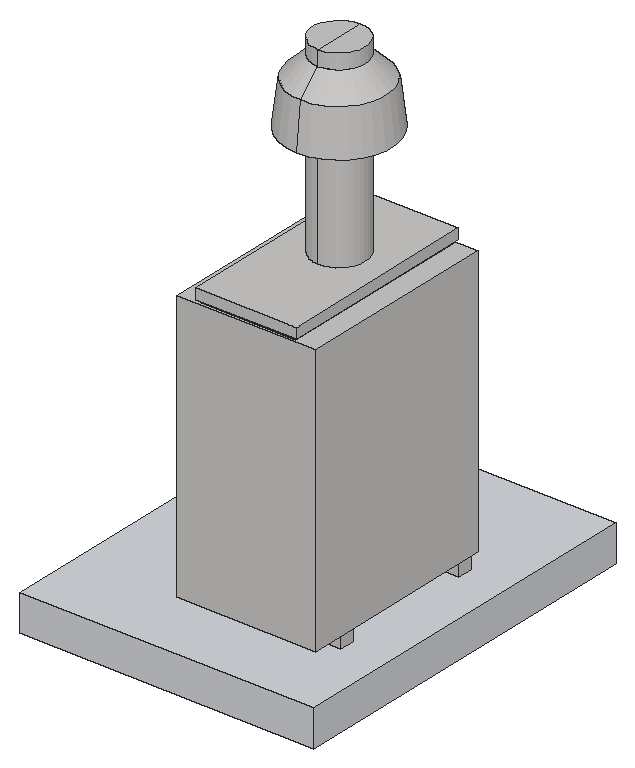
Revit family "DC_Rheem_PLM_Raypak_B0200ID", category Plumbing Fixtures, host Face, Revit 2020
Family settings
  Host = Face
  Round Connector Dimension = Use Radius
  Part Type = Normal
  Cut with Voids When Loaded = No
  Shared = No
  Room Calculation Point = No
Parameters (values of type "Raypak - Gas Water Heater- Indoor - 185 MJ/h  Propane gas, On/Off gas control")
  Width_ANZRS = 465 mm
  URL = "http://www.rheem.com.au/CommercialProducts"
  Type Comments = "Recovery 705L/h @ 50°C rise\r\n"
  Materials_ANZRS = Raypak - Grey Powder Coated Steel
  PRVDistance_ANZRS = 210 mm
  PRV_ANZRS = 15 mm
  Model = "B0200PCO/ID\r\n"
  Manufacturer = "Raypak\r\n"
  Length_ANZRS = 675 mm
  HotWaterOutlet Radius_ANZRS = 20 mm
  HotWaterOutletDiameter_ANZRS = HotWaterOutlet Radius_ANZRS * 2  # 40 mm
  HotWaterConnectionDistance_ANZRS = 170 mm
  Height_ANZRS = 1625 mm
  H1_ANZRS = 940 mm
  GasInletRadius_ANZRS = 10 mm
  GasInletHeight_ANZRS = 370 mm
  GasInletDiameter_ANZRS = GasInletRadius_ANZRS * 2  # 20 mm
  GasConnectionDistance_ANZRS = 105 mm
  DesignBy_ANZRS = "Design Content ©"  # constant formula
  Description = "Raypak - Gas Water Heater- Indoor - 185 MJ/h  Propane gas, On/Off gas control"
  Default Elevation = 0 mm
  ConnectionHeight_ANZRS = 700 mm
  ColdWaterInletRadius_ANZRS = 20 mm
  ColdWaterInletDiameter_ANZRS = ColdWaterInletRadius_ANZRS * 2  # 40 mm
  ColdWaterConnectionDistance_ANZRS = 215 mm
  BoxHeight_ANZRS = 985 mm
  Base1Distance_ANZRS = 30 mm
  BaseWidth_ANZRS = 50 mm
  Basae2Distance_ANZRS = 105 mm
  Author_ANZRS = "DM"  # constant formula
  Assembly Code = ""
Types (4, lengths in mm): name | Type Comments | Model | GasInletRadius_ANZRS | GasInletDiameter_ANZRS | Description
  Raypak - Gas Water Heater- Indoor - 196 MJ/h  Natural gas, modulating gas control | "Recovery 750L/h @ 50°C rise\r\n" | "B0200NCM/ID\r\n" | 12.5 | 25 | "Raypak - Gas Water Heater- Indoor - 196 MJ/h  Natural gas, modulating gas control\r\n"
  Raypak - Gas Water Heater- Indoor - 196 MJ/h  Natural gas, On/Off gas control | "Recovery 750L/h @ 50°C rise\r\n" | "B0200NCO/ID\r\n" | 10 | 20 | "Raypak - Gas Water Heater- Indoor - 196 MJ/h  Natural gas, On/Off gas control\r\n"
  Raypak - Gas Water Heater- Indoor - 185 MJ/h  Propane gas, modulating gas control | "Recovery 705L/h @ 50°C rise\r\n" | "B0200PCM/ID\r\n" | 10 | 20 | "Raypak - Gas Water Heater- Indoor - 185 MJ/h  Propane gas, modulating gas control\r\n"
  Raypak - Gas Water Heater- Indoor - 185 MJ/h  Propane gas, On/Off gas control | "Recovery 705L/h @ 50°C rise\r\n" | "B0200PCO/ID\r\n" | 10 | 20 | "Raypak - Gas Water Heater- Indoor - 185 MJ/h  Propane gas, On/Off gas control"
Reference planes
  plane 1 "Center (Front/Back)": y = 0
  plane 2: z = 0
  plane 3 "Center (Left/Right)": x = 0
  plane 4: z = 1625
  plane 5: z = 985
  plane 6: z = 700
  plane 7: z = 370
  plane 8: y = 288
  plane 9: y = -387
  plane 10: y = 78
  plane 11: y = 118
  plane 12: y = -97
  plane 13: y = -282
  plane 14: y = 87.5
  plane 15: y = -87.5
  plane 16: x = -232.5
  plane 17: x = 232.5
  plane 18: z = 40
  plane 19: z = 1355
  plane 20: z = 1505
  plane 21: z = 1575
  plane 22: z = 600
  plane 23: z = 585
  plane 24: y = -327
  plane 25: x = -227.5
  plane 26: y = 258
  plane 27: y = 208
  plane 28: y = -232
  plane 29: y = -282
  plane 30: x = 87.5
  plane 31: x = -87.5
  plane 32: z = 940
  plane 33: z = 950
  plane 34: x = 167.5
  plane 35: x = -167.5
  plane 36: x = 157.5
  plane 37: x = -157.5
  plane 38: y = -377
  plane 39: y = 278
Forms (mm)
  Extrusion 1, solid
    sketch origin (0, 0, 0) x (1, 0, 0) y (0, 1, 0)
      loop
        line (-607.5, 688) -> (-607.5, -570.692) -> (372.485, -570.692) -> (372.485, 688) -> (-607.5, 688)
    from 0 to -120
  Extrusion 2, solid, material "Raypak - Grey Powder Coated Steel" <- "Materials_ANZRS"
    sketch origin (0, 0, 0) x (1, 0, 0) y (0, 1, 0)
      loop
        line (-232.5, 288) -> (-232.5, -387) -> (232.5, -387) -> (232.5, 288) -> (-232.5, 288)
    from 40 to 940
  Revolve 3, solid, material "Raypak - Grey Powder Coated Steel" <- "Materials_ANZRS"
    sketch origin (0, 0, 105) x (0, 1, 0) y (0, 0, 1)
      loop
        line (0, 1520) -> (-87.5, 1520) -> (-87.5, 1470) -> (-157.5, 1400) -> (-175.918, 1250) -> (-87.5, 1250) -> (-87.5, 880) -> (0, 880) -> (0, 1520)
      axis (0, 1520) -> (0, 880)
    angle from 0 to 360
  Extrusion 4, void
    sketch origin (0, 0, 0) x (0, 1, 0) y (0, 0, 1)
      loop
        circle (78, 700) r 15
      loop
        circle (118, 700) r 20
      loop
        circle (-97, 700) r 20
    from -232.5 to -227.5
  Extrusion 5, void
    sketch origin (0, 0, 0) x (0, 1, 0) y (0, 0, 1)
      loop
        circle (-327, 600) r 5
      loop
        circle (-327, 585) r 5
      loop
        circle (-282, 370) r 10
    from -232.5 to -227.5
  Extrusion 6, solid, material "Raypak - Grey Powder Coated Steel" <- "Materials_ANZRS"
    sketch origin (0, 0, 0) x (0, 1, 0) y (0, 0, 1)
      loop
        line (258, 40) -> (208, 40) -> (208, 0) -> (258, 0) -> (258, 40)
      loop
        line (-232, 40) -> (-282, 40) -> (-282, 0) -> (-232, 0) -> (-232, 40)
    from -232.5 to 232.5
  Extrusion 7, solid, material "Raypak - Grey Powder Coated Steel" <- "Materials_ANZRS"
    sketch origin (0, 0, 0) x (1, 0, 0) y (0, 0, 1)
      loop
        line (167.5, 985) -> (-167.5, 985) -> (-167.5, 950) -> (167.5, 950) -> (167.5, 985)
    from -288 to 387
  Extrusion 8, solid, material "Raypak - Grey Powder Coated Steel" <- "Materials_ANZRS"
    sketch origin (0, 0, 0) x (1, 0, 0) y (0, 0, 1)
      loop
        line (157.5, 950) -> (-157.5, 950) -> (-157.5, 940) -> (157.5, 940) -> (157.5, 950)
    from -278 to 377
Cuts and joins
  Extrusion 4, Extrusion 5 cuts Extrusion 2
Lines and regions (mm)
  Masking region 1
    outline origin (0, 0, 0) x (1, 0, 0) y (0, 1, 0)
      loop
        line (-232.5, 288) -> (-232.5, -387) -> (232.5, -387) -> (232.5, 288) -> (-232.5, 288)
  Masking region 2
    outline origin (0, 0, 0) x (1, 0, 0) y (0, 0, 1)
      loop
        line (-87.5, 1625) -> (-87.5, 1575) -> (-157.5, 1505) -> (-175.918, 1355) -> (-87.5, 1355) -> (-87.5, 985) -> (-167.5, 985) -> (-167.5, 950) -> (-157.5, 950) -> (-157.5, 940) -> (-232.5, 940) -> (-232.5, 0) -> (232.5, 0) -> (232.5, 940) -> (157.5, 940) -> (157.5, 950) -> (167.5, 950) -> (167.5, 985) -> (87.5, 985) -> (87.5, 1355) -> (175.918, 1355) -> (157.5, 1505) -> (87.5, 1575) -> (87.5, 1625) -> (0, 1625) -> (-87.5, 1625)
  Masking region 3
    outline origin (0, 0, 0) x (0, 1, 0) y (0, 0, 1)
      loop
        line (-87.5, 1625) -> (-87.5, 1575) -> (-157.5, 1505) -> (-175.918, 1355) -> (-87.5, 1355) -> (-87.5, 985) -> (-387, 985) -> (-387, 950) -> (-377, 950) -> (-377, 940) -> (-387, 940) -> (-387, 40) -> (-282, 40) -> (-282, 0) -> (-232, 0) -> (-232, 40) -> (208, 40) -> (208, 0) -> (258, 0) -> (258, 40) -> (288, 40) -> (288, 940) -> (278, 940) -> (278, 950) -> (288, 950) -> (288, 985) -> (87.5, 985) -> (87.5, 1355) -> (175.918, 1355) -> (157.5, 1505) -> (87.5, 1575) -> (87.5, 1625) -> (-87.5, 1625)
  symbolic lines, style "Rheem Raypak", detail levels fine
    curve 1: arc (0, 175.918, 0) -> (-175.918, 0, 0) -> (0, -175.918, 0) r 175.918
    curve 2: arc (0, -175.918, 0) -> (175.918, 0, 0) -> (0, 175.918, 0) r 175.918
    curve 3: arc (0, 157.5, 0) -> (157.5, 0, 0) -> (0, -157.5, 0) r 157.5
    curve 4: arc (0, -157.5, 0) -> (-157.5, 0, 0) -> (0, 157.5, 0) r 157.5
    curve 5: arc (0, -87.5, 0) -> (-87.5, 0, 0) -> (0, 87.5, 0) r 87.5
    curve 6: arc (0, 87.5, 0) -> (87.5, 0, 0) -> (0, -87.5, 0) r 87.5
    curve 7: line (232.5, -387, 0) -> (232.5, 288, 0)
    curve 8: line (232.5, 288, 0) -> (-232.5, 288, 0)
    curve 9: line (-232.5, 288, 0) -> (-232.5, -387, 0)
    curve 10: line (-232.5, -387, 0) -> (232.5, -387, 0)
    curve 11: line (87.5, 0, 1575) -> (157.5, 0, 1505)
    curve 12: line (175.918, 0, 1355) -> (157.5, 0, 1505)
    curve 13: line (-157.5, 0, 1505) -> (-175.918, 0, 1355)
    curve 14: line (-157.5, 0, 1505) -> (-87.5, 0, 1575)
    curve 15: line (-87.5, 0, 1625) -> (87.5, 0, 1625)
    curve 16: line (0, 0, 1625) -> (87.5, 0, 1625)
    curve 17: line (157.5, 0, 1505) -> (-157.5, 0, 1505)
    curve 18: line (87.5, 0, 1575) -> (-87.5, 0, 1575)
    curve 19: line (-175.918, 0, 1355) -> (0, 0, 1355)
    curve 20: line (0, 0, 1355) -> (175.918, 0, 1355)
    curve 21: line (87.5, 0, 1625) -> (87.5, 0, 1575)
    curve 22: line (-87.5, 0, 1625) -> (-87.5, 0, 1575)
    curve 23: line (232.5, 0, 940) -> (-232.5, 0, 940)
    curve 24: line (232.5, 0, 40) -> (232.5, 0, 940)
    curve 25: line (-232.5, 0, 940) -> (-232.5, 0, 40)
    curve 26: line (-232.5, 0, 40) -> (232.5, 0, 40)
    curve 27: line (232.5, 0, 0) -> (232.5, 0, 40)
    curve 28: line (-232.5, 0, 40) -> (-232.5, 0, 0)
    curve 29: line (-232.5, 0, 0) -> (232.5, 0, 0)
    curve 30: line (-87.5, 0, 1355) -> (-87.5, 0, 985)
    curve 31: line (87.5, 0, 1355) -> (87.5, 0, 985)
    curve 32: arc (0, 63, 700) -> (0, 78, 685) -> (0, 93, 700) r 15
    curve 33: arc (0, 93, 700) -> (0, 78, 715) -> (0, 63, 700) r 15
    curve 34: arc (0, 138, 700) -> (0, 118, 720) -> (0, 98, 700) r 20
    curve 35: arc (0, 98, 700) -> (0, 118, 680) -> (0, 138, 700) r 20
    curve 36: arc (0, -117, 700) -> (0, -97, 680) -> (0, -77, 700) r 20
    curve 37: arc (0, -77, 700) -> (0, -97, 720) -> (0, -117, 700) r 20
    curve 38: arc (0, -272, 370) -> (0, -282, 380) -> (0, -292, 370) r 10
    curve 39: arc (0, -292, 370) -> (0, -282, 360) -> (0, -272, 370) r 10
    curve 40: arc (0, -332, 585) -> (0, -327, 580) -> (0, -322, 585) r 5
    curve 41: arc (0, -322, 585) -> (0, -327, 590) -> (0, -332, 585) r 5
    curve 42: arc (0, -332, 600) -> (0, -327, 595) -> (0, -322, 600) r 5
    curve 43: arc (0, -322, 600) -> (0, -327, 605) -> (0, -332, 600) r 5
    curve 44: line (0, -87.5, 1625) -> (0, -87.5, 1575)
    curve 45: line (0, 87.5, 1625) -> (0, 87.5, 1575)
    curve 46: line (0, 175.918, 1355) -> (0, -175.918, 1355)
    curve 47: line (0, 157.5, 1505) -> (0, -157.5, 1505)
    curve 48: line (0, 87.5, 1575) -> (0, -87.5, 1575)
    curve 49: line (0, 87.5, 1575) -> (0, 157.5, 1505)
    curve 50: line (0, -175.918, 1355) -> (0, -157.5, 1505)
    curve 51: line (0, -87.5, 1575) -> (0, -157.5, 1505)
    curve 52: line (0, 175.918, 1355) -> (0, 157.5, 1505)
    curve 53: line (0, -87.5, 1625) -> (0, 87.5, 1625)
    curve 54: line (0, 87.5, 1355) -> (0, 87.5, 985)
    curve 55: line (0, -87.5, 1355) -> (0, -87.5, 985)
    curve 56: line (0, 288, 985) -> (0, -387, 985)
    curve 57: line (0, -387, 985) -> (0, -387, 950)
    curve 58: line (0, 288, 40) -> (0, 288, 940)
    curve 59: line (0, -387, 40) -> (0, 288, 40)
    curve 60: line (0, 208, 40) -> (0, 208, 0)
    curve 61: line (0, 258, 0) -> (0, 258, 40)
    curve 62: line (0, 208, 0) -> (0, 258, 0)
    curve 63: line (0, -232, 0) -> (0, -232, 40)
    curve 64: line (0, -282, 40) -> (0, -282, 0)
    curve 65: line (0, -282, 0) -> (0, -232, 0)
    curve 66: line (-167.5, 288, 0) -> (-167.5, -387, 0)
    curve 67: line (167.5, -387, 0) -> (167.5, 288, 0)
    curve 68: line (167.5, 0, 950) -> (167.5, 0, 985)
    curve 69: line (-167.5, 0, 950) -> (167.5, 0, 950)
    curve 70: line (157.5, 0, 940) -> (157.5, 0, 950)
    curve 71: line (-167.5, 0, 985) -> (-167.5, 0, 950)
    curve 72: line (-157.5, 0, 950) -> (-157.5, 0, 940)
    curve 73: line (167.5, 0, 985) -> (-167.5, 0, 985)
    curve 74: line (0, -387, 950) -> (0, 288, 950)
    curve 75: line (0, 288, 940) -> (0, -387, 940)
    curve 76: line (0, 278, 940) -> (0, 278, 950)
    curve 77: line (0, -377, 950) -> (0, -377, 940)
    curve 78: line (0, -387, 940) -> (0, -387, 40)
    curve 79: line (0, 288, 950) -> (0, 288, 985)
Dimensions and locks
  "Height_ANZRS": plane 4 to level
  "BoxHeight_ANZRS": plane 5 to level
  "ConnectionHeight_ANZRS": plane 6 to Extrusion 1
  "GasInletHeight_ANZRS": plane 7 to level
  "Length_ANZRS": plane 8 to plane 9
  "PRVDistance_ANZRS": plane 8 to plane 10
  "HotWaterConnectionDistance_ANZRS": plane 8 to plane 11
  "ColdWaterConnectionDistance_ANZRS": plane 11 to plane 12
  "GasConnectionDistance_ANZRS": plane 13 to plane 9
  plane 1 "Center (Front/Back)" to plane 9 = 387 mm
  plane 18 to level = 40 mm
  plane 4 to plane 21 to plane 20 to plane 19 = 50 mm, 70 mm, 150 mm
  equal spacing: plane 17, plane 3 "Center (Left/Right)", plane 16
  "Width_ANZRS": plane 17 to plane 16
  equal spacing: plane 14, plane 1 "Center (Front/Back)", plane 15
  locked: plane 14 to plane 15 at 175
  plane 22 to Extrusion 1 = 600 mm
  plane 23 to Extrusion 1 = 585 mm
  plane 18 to Extrusion 1 = 40 mm
  plane 24 to plane 9 = 60 mm
  plane 16 to plane 25 = 5 mm
  "Base1Distance_ANZRS": plane 8 to plane 26
  "BaseWidth_ANZRS": plane 26 to plane 27
  "BaseWidth_ANZRS": plane 28 to plane 29
  "Basae2Distance_ANZRS": plane 29 to plane 9
  equal spacing: plane 31, plane 3 "Center (Left/Right)", plane 30
  locked: plane 31 to plane 30 at 175
  "H1_ANZRS": plane 32 to Extrusion 1
  locked: plane 32 to plane 33 at 10
  plane 35 to plane 3 "Center (Left/Right)" to plane 34 = 167.5 mm, 167.5 mm
  plane 35 to plane 34 = 335 mm
  locked: plane 36 to plane 34 at 10
  locked: plane 37 to plane 35 at 10
  locked: plane 38 to plane 9 at 10
  plane 39 to plane 8 = 10 mm
  "HotWaterOutlet Radius_ANZRS": radius of Extrusion 4 sketch curve
  "ColdWaterInletRadius_ANZRS": radius of Extrusion 4 sketch curve
  "PRV_ANZRS": radius of Extrusion 4 sketch curve
  "GasInletRadius_ANZRS": radius of Extrusion 5 sketch curve
  aligned and locked: plane 2 to Extrusion 1
  aligned and locked: level to Extrusion 1
  aligned and locked: plane 8 to Extrusion 2 sketch curve
  aligned and locked: plane 16 to Extrusion 2 sketch curve
  aligned and locked: plane 9 to Extrusion 2 sketch curve
  aligned and locked: plane 17 to Extrusion 2 sketch curve
  aligned: plane 5 to Extrusion 2
  aligned and locked: Revolve 3 sketch curve to plane 1 "Center (Front/Back)"
  aligned and locked: plane 11 to Extrusion 4 sketch curve
  aligned and locked: plane 10 to Extrusion 4 sketch curve
  aligned and locked: plane 6 to Extrusion 4 sketch curve  (x3)
  aligned and locked: Extrusion 4 to plane 16
  aligned and locked: Extrusion 2 to plane 18
  aligned and locked: plane 12 to Extrusion 4 sketch curve
  aligned and locked: Revolve 3 sketch curve to plane 4
  aligned and locked: plane 5 to Revolve 3 sketch curve
  aligned and locked: plane 19 to Revolve 3 sketch curve
  aligned and locked: plane 21 to Revolve 3 sketch curve
  aligned: plane 15 to Revolve 3 sketch curve
  aligned and locked: plane 15 to Revolve 3 sketch curve
  aligned and locked: plane 22 to Extrusion 5 sketch curve
  aligned and locked: plane 24 to Extrusion 5 sketch curve  (x2)
  aligned and locked: plane 23 to Extrusion 5 sketch curve
  aligned and locked: Extrusion 5 to plane 16
  aligned and locked: plane 25 to Extrusion 5
  aligned and locked: plane 13 to Extrusion 5 sketch curve
  aligned and locked: plane 7 to Extrusion 5 sketch curve
  aligned and locked: Extrusion 5 to Extrusion 4
  aligned and locked: plane 18 to Extrusion 6 sketch curve  (x2)
  aligned and locked: Extrusion 6 sketch curve to plane 26
  aligned and locked: Extrusion 6 sketch curve to level  (x2)
  aligned and locked: plane 27 to Extrusion 6 sketch curve
  aligned and locked: Extrusion 6 sketch curve to plane 28
  aligned and locked: plane 29 to Extrusion 6 sketch curve
  aligned and locked: Extrusion 6 to plane 16
  aligned and locked: Extrusion 6 to plane 17
  aligned and locked: Masking region 1 sketch curve to cut or joined group of Extrusion 2, Extrusion 4, Extrusion 5  (x4)
  aligned and locked: Masking region 2 sketch curve to plane 31
  aligned and locked: Masking region 2 sketch curve to Revolve 3  (x3)
  aligned and locked: plane 30 to Masking region 2 sketch curve
  aligned and locked: Revolve 3 to Masking region 2 sketch curve
  aligned and locked: plane 5 to Masking region 2 sketch curve
  aligned and locked: plane 16 to Masking region 2 sketch curve
  aligned and locked: Masking region 2 sketch curve to plane 17
  aligned and locked: Extrusion 1 to Masking region 2 sketch curve
  aligned and locked: Masking region 3 sketch curve to Revolve 3  (x2)
  aligned and locked: Masking region 3 sketch curve to plane 15  (x2)
  aligned and locked: plane 5 to Masking region 3 sketch curve
  aligned and locked: Masking region 3 sketch curve to plane 9
  aligned and locked: plane 18 to Masking region 3 sketch curve
  aligned and locked: Masking region 3 sketch curve to Extrusion 6  (x4)
  aligned and locked: plane 27 to Masking region 3 sketch curve
  aligned and locked: plane 26 to Masking region 3 sketch curve
  aligned and locked: plane 8 to Masking region 3 sketch curve
  aligned and locked: plane 14 to Masking region 3 sketch curve
  aligned and locked: curve 1 to Revolve 3
  aligned and locked: curve 2 to Revolve 3
  aligned and locked: curve 3 to Revolve 3
  aligned and locked: curve 4 to Revolve 3
  aligned and locked: curve 5 to Revolve 3
  aligned and locked: curve 6 to Revolve 3
  aligned and locked: curve 7 to cut or joined group of Extrusion 2, Extrusion 4, Extrusion 5
  aligned and locked: curve 8 to cut or joined group of Extrusion 2, Extrusion 4, Extrusion 5
  aligned and locked: curve 9 to cut or joined group of Extrusion 2, Extrusion 4, Extrusion 5
  aligned and locked: curve 10 to cut or joined group of Extrusion 2, Extrusion 4, Extrusion 5
  aligned and locked: curve 32 to cut or joined group of Extrusion 2, Extrusion 4, Extrusion 5
  aligned and locked: curve 33 to cut or joined group of Extrusion 2, Extrusion 4, Extrusion 5
  aligned and locked: curve 34 to cut or joined group of Extrusion 2, Extrusion 4, Extrusion 5
  aligned and locked: curve 35 to cut or joined group of Extrusion 2, Extrusion 4, Extrusion 5
  aligned and locked: curve 36 to cut or joined group of Extrusion 2, Extrusion 4, Extrusion 5
  aligned and locked: curve 37 to cut or joined group of Extrusion 2, Extrusion 4, Extrusion 5
  aligned and locked: curve 38 to cut or joined group of Extrusion 2, Extrusion 4, Extrusion 5
  aligned and locked: curve 39 to cut or joined group of Extrusion 2, Extrusion 4, Extrusion 5
  aligned and locked: curve 40 to cut or joined group of Extrusion 2, Extrusion 4, Extrusion 5
  aligned and locked: curve 41 to cut or joined group of Extrusion 2, Extrusion 4, Extrusion 5
  aligned and locked: curve 42 to cut or joined group of Extrusion 2, Extrusion 4, Extrusion 5
  aligned and locked: curve 43 to cut or joined group of Extrusion 2, Extrusion 4, Extrusion 5
  aligned and locked: curve 44 to plane 15
  aligned and locked: plane 14 to curve 45
  aligned and locked: plane 19 to curve 46
  aligned and locked: plane 20 to curve 47
  aligned and locked: plane 21 to curve 48
  aligned and locked: curve 53 to Revolve 3
  aligned and locked: plane 32 to Extrusion 2
  aligned and locked: curve 23 to cut or joined group of Extrusion 2, Extrusion 4, Extrusion 5
  aligned and locked: plane 5 to Extrusion 7 sketch curve
  aligned and locked: Extrusion 7 sketch curve to plane 34
  aligned and locked: Extrusion 7 sketch curve to plane 33
  aligned and locked: Extrusion 7 sketch curve to plane 35
  aligned and locked: plane 33 to Extrusion 8 sketch curve
  aligned and locked: Extrusion 8 sketch curve to plane 36
  aligned and locked: Extrusion 8 sketch curve to plane 32
  aligned and locked: Extrusion 8 sketch curve to plane 37
  aligned and locked: Extrusion 7 to plane 8
  aligned and locked: Extrusion 7 to plane 9
  aligned and locked: Extrusion 8 to plane 38
  aligned and locked: plane 39 to Extrusion 8
  aligned and locked: curve 66 to Extrusion 7
  aligned and locked: curve 67 to Extrusion 7
  aligned and locked: curve 68 to Extrusion 7
  aligned and locked: curve 69 to Extrusion 7
  aligned and locked: curve 70 to Extrusion 8
  aligned and locked: curve 71 to Extrusion 7
  aligned and locked: curve 72 to Extrusion 8
  aligned and locked: curve 73 to Extrusion 7
  aligned and locked: Masking region 2 sketch curve to Extrusion 7  (x3)
  aligned and locked: Extrusion 7 to Masking region 2 sketch curve
  aligned and locked: Masking region 2 sketch curve to Extrusion 8  (x2)
  aligned and locked: Masking region 2 sketch curve to cut or joined group of Extrusion 2, Extrusion 4, Extrusion 5
  aligned and locked: curve 74 to Extrusion 7
  aligned and locked: curve 75 to cut or joined group of Extrusion 2, Extrusion 4, Extrusion 5
  aligned and locked: curve 76 to Extrusion 8
  aligned and locked: curve 77 to Extrusion 8
  aligned and locked: Masking region 3 sketch curve to Extrusion 7
  aligned and locked: Masking region 3 sketch curve to cut or joined group of Extrusion 2, Extrusion 4, Extrusion 5
  aligned and locked: Masking region 3 sketch curve to Extrusion 8  (x2)
Automatic sketch dimensions
  Extrusion 1 sketch curve to Extrusion 1 sketch curve = 979.985 mm
  Extrusion 1 sketch curve to Extrusion 1 sketch curve = 1258.692 mm
  Revolve 3 sketch curve to plane 20 = 0 mm
  Revolve 3 sketch curve to plane 15 = 0 mm
  Revolve 3 sketch curve to plane 1 "Center (Front/Back)" = 0 mm
  plane 12 to Revolve 3 sketch curve = 60.5 mm
  plane 12 to Revolve 3 sketch curve = 78.918 mm
  Revolve 3 sketch curve to Revolve 3 sketch curve = 675 mm
  Revolve 3 sketch curve to Revolve 3 sketch curve = 130 mm
  plane 8 to curve 8 = 0 mm
  curve 8 to plane 16 = 0 mm
  curve 7 to plane 17 = 0 mm
  curve 10 to plane 9 = 0 mm
  curve 64 to plane 13 = 0 mm
  curve 65 to plane 28 = 0 mm
  curve 50 to plane 28 = 56.082 mm
  plane 12 to curve 50 = 60.5 mm
  curve 52 to plane 11 = 39.5 mm
  plane 27 to curve 52 = 32.082 mm
  curve 55 to plane 5 = 0 mm
  curve 25 to plane 16 = 0 mm
  curve 19 to plane 19 = 0 mm
  curve 17 to plane 20 = 0 mm
  plane 31 to curve 30 = 0 mm
  curve 14 to plane 21 = 0 mm
  curve 14 to plane 31 = 0 mm
  curve 16 to plane 3 "Center (Left/Right)" = 0 mm
  curve 19 to plane 3 "Center (Left/Right)" = 0 mm
  curve 21 to plane 4 = 0 mm
  plane 30 to curve 21 = 0 mm
  curve 31 to plane 19 = 0 mm
  plane 30 to curve 31 = 0 mm
  plane 17 to curve 27 = 0 mm
  curve 29 to level = 0 mm
  curve 26 to plane 18 = 0 mm
  curve 30 to plane 19 = 0 mm
  plane 25 to curve 19 = 51.582 mm
  plane 25 to curve 17 = 70 mm
  curve 17 to plane 30 = 70 mm
  plane 17 to curve 12 = 56.582 mm
  Masking region 2 sketch curve to plane 20 = 0 mm  (x2)
  plane 31 to Masking region 2 sketch curve = 0 mm
  Masking region 2 sketch curve to plane 3 "Center (Left/Right)" = 0 mm
  plane 30 to Masking region 2 sketch curve = 0 mm
  Masking region 2 sketch curve to plane 21 = 0 mm  (x2)
  plane 25 to Masking region 2 sketch curve = 51.582 mm
  plane 25 to Masking region 2 sketch curve = 70 mm
  Masking region 2 sketch curve to plane 30 = 70 mm
  plane 17 to Masking region 2 sketch curve = 56.582 mm
  Masking region 3 sketch curve to plane 20 = 0 mm  (x2)
  Masking region 3 sketch curve to plane 14 = 0 mm
  Masking region 3 sketch curve to plane 19 = 0 mm
  Masking region 3 sketch curve to plane 18 = 0 mm  (x2)
  Masking region 3 sketch curve to plane 5 = 0 mm
  Masking region 3 sketch curve to plane 21 = 0 mm  (x2)
  Masking region 3 sketch curve to plane 28 = 56.082 mm
  plane 12 to Masking region 3 sketch curve = 60.5 mm
  Masking region 3 sketch curve to plane 11 = 39.5 mm
  plane 27 to Masking region 3 sketch curve = 32.082 mm
  curve 53 to plane 4 = 0 mm
  curve 55 to plane 15 = 0 mm
  curve 54 to plane 14 = 0 mm
  curve 56 to plane 9 = 0 mm
  curve 59 to plane 18 = 0 mm
  curve 60 to plane 27 = 0 mm
  curve 61 to plane 26 = 0 mm
  curve 62 to level = 0 mm
  curve 64 to level = 0 mm
  curve 63 to plane 18 = 0 mm
  curve 64 to plane 18 = 0 mm
  curve 61 to plane 18 = 0 mm
  curve 60 to plane 18 = 0 mm
  curve 66 to plane 35 = 0 mm
  curve 67 to plane 34 = 0 mm
  curve 69 to plane 33 = 0 mm
  curve 69 to plane 35 = 0 mm
  plane 34 to curve 68 = 0 mm
  plane 36 to curve 70 = 0 mm
  curve 71 to plane 5 = 0 mm
  curve 72 to plane 37 = 0 mm
  Masking region 2 sketch curve to plane 5 = 0 mm
  Masking region 2 sketch curve to plane 32 = 0 mm
  curve 74 to plane 33 = 0 mm
  curve 76 to plane 39 = 0 mm
  curve 77 to plane 38 = 0 mm
  curve 75 to plane 9 = 0 mm
  curve 74 to plane 8 = 0 mm
  curve 75 to plane 8 = 0 mm
  Masking region 3 sketch curve to plane 9 = 0 mm
  Masking region 3 sketch curve to plane 8 = 0 mm
  Masking region 3 sketch curve to plane 33 = 0 mm
  Masking region 3 sketch curve to plane 32 = 0 mm
  Extrusion 5 sketch curve to plane 13 = 0 mm
  radius of Extrusion 5 sketch curve = 5 mm  (x2)
Connectors
  piping at (-232.5, 118, 700), diameter 40, driven by "HotWaterOutlet Radius_ANZRS"
    settings: on cut or joined group of Extrusion 2, Extrusion 4, Extrusion 5, index 1, connector inside diameter 1.5748", connector length 0 mm, flow factor 0, pipe flow 0 GPM, pressure drop 0.00 psi, fitting loss kfactor 0, connector angle 0.00°, fixture units 0, engagement length 0 mm, angle of deflection 0.00°, flow configuration 1, flow direction 2, fitting loss method 0, system type 19, joint type 0, gender type 0, connector reference index -1, connector utility 0, adjustable connector no, is connector primary yes, connector description ""
  piping at (-232.5, 78, 700), diameter 30, driven by "PRV_ANZRS"
    settings: on cut or joined group of Extrusion 2, Extrusion 4, Extrusion 5, index 2, connector inside diameter 1.1811", connector length 0 mm, flow factor 0, pipe flow 0 GPM, pressure drop 0.00 psi, fitting loss kfactor 0, connector angle 0.00°, fixture units 0, engagement length 0 mm, angle of deflection 0.00°, flow configuration 1, flow direction 2, fitting loss method 0, system type 19, joint type 0, gender type 0, connector reference index -1, connector utility 0, adjustable connector no, is connector primary no, connector description ""
  piping at (-232.5, -97, 700), diameter 40, driven by "ColdWaterInletRadius_ANZRS"
    settings: on cut or joined group of Extrusion 2, Extrusion 4, Extrusion 5, index 3, connector inside diameter 1.5748", connector length 0 mm, flow factor 0, pipe flow 0 GPM, pressure drop 0.00 psi, fitting loss kfactor 0, connector angle 0.00°, fixture units 0, engagement length 0 mm, angle of deflection 0.00°, flow configuration 1, flow direction 1, fitting loss method 0, system type 20, joint type 0, gender type 0, connector reference index -1, connector utility 0, adjustable connector no, is connector primary no, connector description ""
  piping at (-232.5, -282, 370), diameter 20, driven by "GasInletRadius_ANZRS"
    settings: on cut or joined group of Extrusion 2, Extrusion 4, Extrusion 5, index 4, connector inside diameter 0.98425", connector length 0 mm, flow factor 0, pipe flow 0 GPM, pressure drop 0.00 psi, fitting loss kfactor 0, connector angle 0.00°, fixture units 0, engagement length 0 mm, angle of deflection 0.00°, flow configuration 1, flow direction 1, fitting loss method 0, system type 22, joint type 0, gender type 0, connector reference index -1, connector utility 0, adjustable connector no, is connector primary no, connector description "Gas"
  electrical at (-232.5, -327, 600)
    settings: on cut or joined group of Extrusion 2, Extrusion 4, Extrusion 5, index 5, voltage 0 V, apparent load 0 VA, apparent load phase1 0 VA, apparent load phase2 0 VA, apparent load phase3 0 VA, power factor 1, load classification "Other", number of poles 1, system type 30, power factor state 1, is connector primary yes, connector utility no, sub classification motor no, connector description ""
  electrical at (-232.5, -327, 585)
    settings: on cut or joined group of Extrusion 2, Extrusion 4, Extrusion 5, index 6, voltage 0 V, apparent load 0 VA, apparent load phase1 0 VA, apparent load phase2 0 VA, apparent load phase3 0 VA, power factor 1, load classification "Other", number of poles 1, system type 30, power factor state 1, is connector primary no, connector utility no, sub classification motor no, connector description ""
